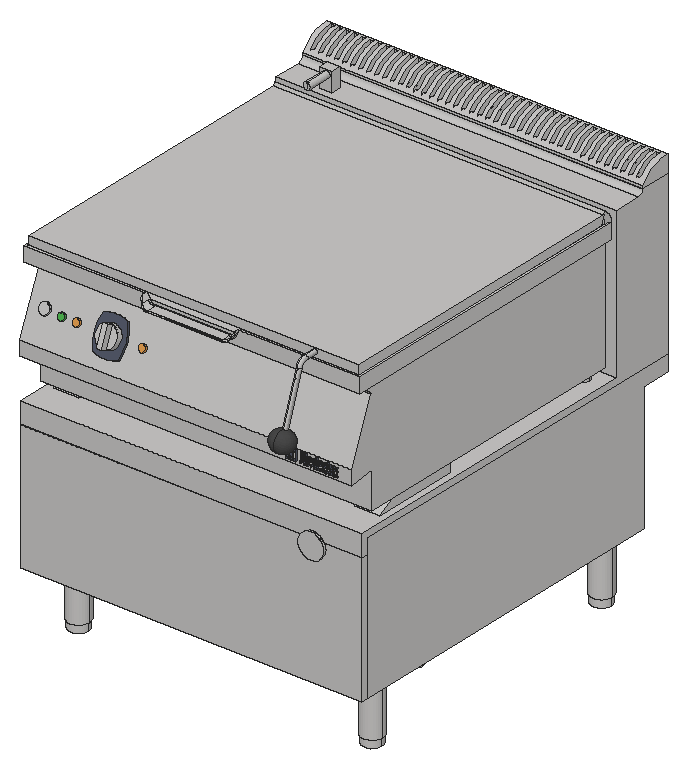
Revit family "QF_ELECTROLUXPROFESSIONAL_391282_E9BRGHDO4M", category Specialty Equipment, Revit 2018 (continued)
Lines and regions (mm)
  symbolic lines
    curve 225: line (777.847, -63.911, 0) -> (787.142, -63.911, 0)
    curve 226: line (787.142, -63.911, 0) -> (787.142, -6.761, 0)
    curve 227: line (787.142, -6.761, 0) -> (777.847, -6.761, 0)
    curve 228: line (777.847, -6.761, 0) -> (777.847, -63.911, 0)
  symbolic lines, style "QF_Clearances", visible <- "Show Clearance", detail levels coarse
    curve 17: line (-50, 50, 150) -> (-50, -918.182, 150)
    curve 18: line (850, 50, 150) -> (850, -915, 150)
    curve 19: line (850, 50, 150) -> (-50, 50, 150)
Dimensions and locks
  equal spacing: plane 3 "LEFT", plane 7 "Center Y", plane 4 "RIGHT"
  plane 3 "LEFT" to plane 4 "RIGHT" = 800 mm
  equal spacing: plane 5 "FRONT", plane 8 "Center X", plane 1 "BACK"
  plane 5 "FRONT" to plane 1 "BACK" = 915 mm  (x2)
  plane 9 "Base" to level = 149 mm
  plane 11 to level = 1653 mm
  plane 11 to plane 2 = 1653 mm
  plane 9 "Base" to plane 2 = 149 mm
  plane 13 to plane 12 = 674 mm
  plane 6 "TOP" to plane 2 = 908 mm
  plane 4 "RIGHT" to plane 16 to plane 14 to plane 3 "LEFT" = 55 mm, 690 mm, 55 mm
  plane 1 "BACK" to plane 17 = 1014 mm
  Extrusion 12 to plane 1 "BACK" = 69 mm
  Extrusion 6 to plane 9 "Base" = 701 mm
  plane 2 to Extrusion 12 = 448 mm
  Extrusion 3 to plane 13 = 100.182 mm
  plane 12 to Extrusion 12 = 56 mm
  plane 4 "RIGHT" to plane 19 = 14 mm
  plane 20 to plane 9 "Base" to level = 701 mm, 149 mm
  plane 1 "BACK" to Extrusion 12 = 69 mm
  Extrusion 12 to plane 12 = 56 mm
  plane 12 to plane 13 = 674 mm
  plane 13 to Extrusion 3 = 100.182 mm
  Extrusion 12 to level = 448 mm
  plane 6 "TOP" to level = 908 mm
  plane 21 "Connection" to level = 182 mm
  plane 1 "BACK" to plane 22 = 706 mm
  plane 3 "LEFT" to Extrusion 20 sketch curve = 105 mm
  Extrusion 21 sketch curve to plane 1 "BACK" = 698 mm
  plane 3 "LEFT" to Extrusion 21 sketch curve = 195 mm
  Extrusion 21 to plane 1 "BACK" = 698 mm
  plane 3 "LEFT" to Extrusion 22 sketch curve = 265 mm
  plane 3 "LEFT" to plane 24 = 105 mm
  plane 3 "LEFT" to plane 25 = 195 mm
  plane 3 "LEFT" to plane 23 = 265 mm
  Extrusion 3 to Extrusion 17 = 181 mm
  Extrusion 17 to Extrusion 3 = 181 mm
  plane 20 to level = 850 mm
  aligned and locked: level to plane 2
  aligned and locked: Extrusion 12 to plane 3 "LEFT"
Automatic sketch dimensions
  Revolve 1 sketch curve to plane 9 "Base" = 0 mm  (x2)
  Revolve 1 sketch curve to level = 0 mm
  Revolve 1 sketch curve to plane 14 = 0 mm  (x2)
  Revolve 1 sketch curve to Revolve 1 sketch curve = 22.9 mm
  Revolve 1 sketch curve to Revolve 1 sketch curve = 2.5 mm
  level to Revolve 1 sketch curve = 19.05 mm
  Revolve 1 sketch curve to plane 21 "Connection" = 13 mm
  Revolve 2 sketch curve to plane 9 "Base" = 0 mm  (x2)
  Revolve 2 sketch curve to level = 0 mm
  Revolve 2 sketch curve to plane 14 = 0 mm  (x2)
  Revolve 2 sketch curve to Revolve 2 sketch curve = 22.9 mm
  Revolve 2 sketch curve to Revolve 2 sketch curve = 2.5 mm
  level to Revolve 2 sketch curve = 19.05 mm
  Revolve 2 sketch curve to plane 21 "Connection" = 13 mm
  Extrusion 7 sketch curve to plane 10 = 0 mm
  Extrusion 7 sketch curve to plane 13 = 25.484 mm
  plane 13 to Extrusion 7 sketch curve = 28.261 mm
  plane 22 to Extrusion 7 sketch curve = 87.5 mm
  plane 10 to Extrusion 7 sketch curve = 26.213 mm
  Extrusion 8 sketch curve to plane 16 = 8.429 mm
  Extrusion 8 sketch curve to plane 14 = 8.429 mm
  Extrusion 8 sketch curve to plane 12 = 64.686 mm  (x2)
  Extrusion 9 sketch curve to plane 6 "TOP" = 10 mm
  Extrusion 9 sketch curve to plane 12 = 7.127 mm
  plane 12 to Extrusion 9 sketch curve = 16.931 mm
  plane 20 to Extrusion 9 sketch curve = 3.88 mm
  Revolve 10 sketch curve to plane 6 "TOP" = 19.903 mm
  Revolve 10 sketch curve to plane 12 = 63.311 mm
  Revolve 10 sketch curve to plane 12 = 7.127 mm
  Revolve 10 sketch curve to Revolve 10 sketch curve = 0 mm  (x2)
  plane 12 to Revolve 10 sketch curve = 1.394 mm
  Revolve 10 sketch curve to plane 6 "TOP" = 11.778 mm
  Revolve 13 sketch curve to plane 9 "Base" = 0 mm  (x2)
  Revolve 13 sketch curve to level = 0 mm
  plane 16 to Revolve 13 sketch curve = 0 mm  (x2)
  Revolve 13 sketch curve to plane 19 = 18.1 mm
  Revolve 13 sketch curve to Revolve 13 sketch curve = 2.5 mm
  Revolve 13 sketch curve to plane 21 "Connection" = 13 mm
  level to Revolve 13 sketch curve = 19.05 mm
  Revolve 14 sketch curve to plane 9 "Base" = 0 mm  (x2)
  Revolve 14 sketch curve to level = 0 mm
  plane 16 to Revolve 14 sketch curve = 0 mm  (x2)
  Revolve 14 sketch curve to plane 19 = 18.1 mm
  Revolve 14 sketch curve to Revolve 14 sketch curve = 2.5 mm
  Revolve 14 sketch curve to plane 21 "Connection" = 13 mm
  level to Revolve 14 sketch curve = 19.05 mm
  plane 17 to Revolve 16 sketch curve = 18.604 mm
  Revolve 16 sketch curve to Revolve 16 sketch curve = 0 mm  (x4)
  plane 17 to Revolve 16 sketch curve = 22.834 mm
  Revolve 16 sketch curve to Revolve 16 sketch curve = 3.746 mm
  Revolve 16 sketch curve to Revolve 16 sketch curve = 7.415 mm
  plane 10 to Revolve 16 sketch curve = 172.444 mm
  Revolve 16 sketch curve to Revolve 16 sketch curve = 22.45 mm
  plane 10 to Extrusion 19 sketch curve = 0 mm
  Extrusion 19 sketch curve to plane 13 = 25.484 mm
  plane 13 to Extrusion 19 sketch curve = 28.261 mm
  plane 22 to Extrusion 19 sketch curve = 87.5 mm
  plane 10 to Extrusion 19 sketch curve = 26.213 mm
  Extrusion 23 sketch curve to Extrusion 23 sketch curve = 0 mm  (x4)
  Extrusion 23 sketch curve to plane 23 = 24.996 mm
  Extrusion 23 sketch curve to Extrusion 23 sketch curve = 4.545 mm
  Extrusion 23 sketch curve to Extrusion 23 sketch curve = 2.771 mm  (x2)
  Extrusion 23 sketch curve to Extrusion 23 sketch curve = 14.214 mm
  Extrusion 23 sketch curve to plane 20 = 40.578 mm
  plane 7 "Center Y" to Extrusion 23 sketch curve = 88.474 mm
  Extrusion 23 sketch curve to plane 20 = 32.378 mm
  Extrusion 23 sketch curve to Extrusion 23 sketch curve = 14.203 mm
  Extrusion 23 sketch curve to plane 20 = 33.978 mm
  Extrusion 23 sketch curve to plane 20 = 19.699 mm
  Extrusion 23 sketch curve to Extrusion 23 sketch curve = 7.32 mm
  Extrusion 23 sketch curve to Extrusion 23 sketch curve = 6.606 mm
  Extrusion 23 sketch curve to Extrusion 23 sketch curve = 6.4 mm  (x2)
  Extrusion 23 sketch curve to Extrusion 23 sketch curve = 7.872 mm
  plane 25 to Extrusion 25 sketch curve = 22.344 mm
  plane 23 to Extrusion 25 sketch curve = 31.059 mm
  Extrusion 25 sketch curve to Extrusion 25 sketch curve = 0 mm
  Extrusion 25 sketch curve to plane 25 = 8.324 mm
  Extrusion 25 sketch curve to Extrusion 25 sketch curve = 12.3 mm  (x2)
  plane 23 to Extrusion 25 sketch curve = 7.4 mm
  Extrusion 25 sketch curve to Extrusion 25 sketch curve = 34.925 mm  (x2)
  Extrusion 25 sketch curve to Extrusion 25 sketch curve = 50.015 mm
  plane 25 to Extrusion 25 sketch curve = 20.225 mm
  Extrusion 26 sketch curve to plane 24 = 17.623 mm
  plane 24 to Extrusion 27 sketch curve = 17.681 mm
  Extrusion 28 sketch curve to plane 25 = 7.917 mm
  Extrusion 29 sketch curve to Extrusion 29 sketch curve = 24.732 mm
  Extrusion 29 sketch curve to Extrusion 29 sketch curve = 0 mm
  Extrusion 30 sketch curve to plane 14 = 7.427 mm
  Extrusion 31 sketch curve to plane 23 = 12.623 mm
  Extrusion 32 sketch curve to plane 11 = 87.075 mm
  plane 8 "Center X" to Extrusion 32 sketch curve = 110.667 mm
  Extrusion 32 sketch curve to Extrusion 32 sketch curve = 694.86 mm
  Extrusion 32 sketch curve to Extrusion 32 sketch curve = 15.993 mm
  Extrusion 32 sketch curve to Extrusion 32 sketch curve = 5.354 mm
  Extrusion 32 sketch curve to Extrusion 32 sketch curve = 3.503 mm
  Extrusion 32 sketch curve to Extrusion 32 sketch curve = 12.189 mm
  Extrusion 32 sketch curve to Extrusion 32 sketch curve = 3.348 mm
  Extrusion 32 sketch curve to Extrusion 32 sketch curve = 18.4 mm  (x2)
  Extrusion 32 sketch curve to Extrusion 32 sketch curve = 2.697 mm
  Extrusion 32 sketch curve to Extrusion 32 sketch curve = 14.057 mm
  Extrusion 32 sketch curve to Extrusion 32 sketch curve = 4.418 mm
  Extrusion 32 sketch curve to Extrusion 32 sketch curve = 11 mm
  Extrusion 32 sketch curve to Extrusion 32 sketch curve = 6.539 mm
  Sweep 33 sketch curve to plane 8 "Center X" = 20.462 mm
  Sweep 33 sketch curve to plane 11 = 28.458 mm
  Sweep 33 sketch curve to Sweep 33 sketch curve = 41.037 mm
  Sweep 33 sketch curve to Sweep 33 sketch curve = 18.794 mm
  Sweep 33 sketch curve to Sweep 33 sketch curve = 28.354 mm
  Sweep 33 sketch curve to Sweep 33 sketch curve = 105.908 mm
  Sweep 33 sketch curve to Sweep 33 sketch curve = 6.84 mm
  Sweep 33 sketch curve to profile plane = 0 mm
  profile plane to Sweep 33 sketch curve = 676.16 mm
  Revolve 34 sketch curve to plane 11 = 23.591 mm
  Revolve 34 sketch curve to plane 8 "Center X" = 65.198 mm
  Revolve 34 sketch curve to Revolve 34 sketch curve = 0 mm  (x4)
  Revolve 34 sketch curve to Revolve 34 sketch curve = 4.229 mm
  Revolve 34 sketch curve to Revolve 34 sketch curve = 3.746 mm
  Revolve 34 sketch curve to Revolve 34 sketch curve = 7.415 mm
  Revolve 34 sketch curve to Revolve 34 sketch curve = 22.45 mm
  Extrusion 36 sketch curve to plane 20 = 53.641 mm
  plane 7 "Center Y" to Extrusion 36 sketch curve = 110 mm
  Extrusion 36 sketch curve to plane 20 = 32.378 mm
  Extrusion 36 sketch curve to Extrusion 36 sketch curve = 7.323 mm
  Extrusion 36 sketch curve to Extrusion 36 sketch curve = 14.203 mm
  Extrusion 36 sketch curve to plane 23 = 46.526 mm
  Extrusion 36 sketch curve to Extrusion 36 sketch curve = 14.214 mm
  Extrusion 36 sketch curve to Extrusion 36 sketch curve = 7.316 mm
  Extrusion 36 sketch curve to Extrusion 36 sketch curve = 21.27 mm
  Extrusion 36 sketch curve to Extrusion 36 sketch curve = 8.2 mm
  Extrusion 36 sketch curve to Extrusion 36 sketch curve = 12.672 mm
  Extrusion 36 sketch curve to Extrusion 36 sketch curve = 12.685 mm
  Extrusion 35 sketch curve to Extrusion 35 sketch curve = 0 mm  (x27)
  plane 16 to Extrusion 35 sketch curve = 31.031 mm
  plane 10 to Extrusion 35 sketch curve = 104.853 mm
  Extrusion 35 sketch curve to Extrusion 35 sketch curve = 3.509 mm  (x2)
  Extrusion 35 sketch curve to plane 16 = 9.633 mm
  Extrusion 35 sketch curve to Extrusion 35 sketch curve = 2.459 mm  (x3)
  Extrusion 35 sketch curve to plane 16 = 1.86 mm
  plane 16 to Extrusion 35 sketch curve = 4.143 mm
  Extrusion 35 sketch curve to Extrusion 35 sketch curve = 0.918 mm  (x4)
  Extrusion 35 sketch curve to Extrusion 35 sketch curve = 0.949 mm  (x2)
  Extrusion 35 sketch curve to Extrusion 35 sketch curve = 1.035 mm
  Extrusion 35 sketch curve to Extrusion 35 sketch curve = 1.047 mm
  Extrusion 35 sketch curve to Extrusion 35 sketch curve = 3.513 mm  (x2)
  plane 16 to Extrusion 35 sketch curve = 36.887 mm
  Extrusion 35 sketch curve to Extrusion 35 sketch curve = 0.045 mm  (x2)
  plane 16 to Extrusion 35 sketch curve = 29.554 mm
  Extrusion 35 sketch curve to Extrusion 35 sketch curve = 0.277 mm
  Extrusion 35 sketch curve to Extrusion 35 sketch curve = 0.3 mm  (x2)
  Extrusion 35 sketch curve to Extrusion 35 sketch curve = 0.004 mm  (x3)
  Extrusion 35 sketch curve to Extrusion 35 sketch curve = 0.636 mm
  Extrusion 35 sketch curve to Extrusion 35 sketch curve = 0.02 mm  (x2)
  plane 16 to Extrusion 35 sketch curve = 36.125 mm
  Extrusion 35 sketch curve to Extrusion 35 sketch curve = 0.479 mm  (x2)
  plane 16 to Extrusion 35 sketch curve = 28.791 mm
  Extrusion 35 sketch curve to Extrusion 35 sketch curve = 1.645 mm
  Extrusion 35 sketch curve to Extrusion 35 sketch curve = 1.672 mm
  plane 16 to Extrusion 35 sketch curve = 4.181 mm
  Extrusion 35 sketch curve to Extrusion 35 sketch curve = 1.71 mm
  Extrusion 35 sketch curve to Extrusion 35 sketch curve = 0.447 mm  (x2)
  Extrusion 35 sketch curve to Extrusion 35 sketch curve = 0.343 mm
  plane 16 to Extrusion 35 sketch curve = 65.019 mm
  Extrusion 35 sketch curve to Extrusion 35 sketch curve = 0.246 mm
  Extrusion 35 sketch curve to Extrusion 35 sketch curve = 0.124 mm  (x2)
  Extrusion 35 sketch curve to Extrusion 35 sketch curve = 1.995 mm
  Extrusion 35 sketch curve to plane 16 = 3.68 mm
  Extrusion 35 sketch curve to Extrusion 35 sketch curve = 0.996 mm  (x2)
  Extrusion 35 sketch curve to Extrusion 35 sketch curve = 0.509 mm
  Extrusion 35 sketch curve to Extrusion 35 sketch curve = 2.427 mm  (x2)
  Extrusion 35 sketch curve to Extrusion 35 sketch curve = 0.616 mm  (x2)
  Extrusion 35 sketch curve to Extrusion 35 sketch curve = 0.017 mm  (x2)
  Extrusion 35 sketch curve to Extrusion 35 sketch curve = 0.926 mm
  Extrusion 35 sketch curve to Extrusion 35 sketch curve = 0.911 mm
  Extrusion 35 sketch curve to Extrusion 35 sketch curve = 1.839 mm
  Extrusion 35 sketch curve to Extrusion 35 sketch curve = 0.306 mm  (x2)
  Extrusion 35 sketch curve to Extrusion 35 sketch curve = 0.917 mm  (x3)
  Extrusion 35 sketch curve to Extrusion 35 sketch curve = 0.159 mm  (x2)
  Extrusion 35 sketch curve to plane 16 = 3.231 mm
  Extrusion 35 sketch curve to Extrusion 35 sketch curve = 1.342 mm
  Extrusion 35 sketch curve to Extrusion 35 sketch curve = 0.187 mm  (x2)
  Extrusion 35 sketch curve to Extrusion 35 sketch curve = 0.679 mm  (x2)
  Extrusion 35 sketch curve to Extrusion 35 sketch curve = 0.67 mm
  Extrusion 35 sketch curve to Extrusion 35 sketch curve = 0.002 mm
  Extrusion 35 sketch curve to Extrusion 35 sketch curve = 0.007 mm  (x3)
  Extrusion 35 sketch curve to Extrusion 35 sketch curve = 0.383 mm  (x4)
  plane 16 to Extrusion 35 sketch curve = 34.193 mm
  plane 16 to Extrusion 35 sketch curve = 26.86 mm
  Extrusion 35 sketch curve to Extrusion 35 sketch curve = 0.075 mm  (x2)
  Extrusion 35 sketch curve to Extrusion 35 sketch curve = 0.677 mm  (x2)
  Extrusion 35 sketch curve to Extrusion 35 sketch curve = 0.957 mm
  Extrusion 35 sketch curve to Extrusion 35 sketch curve = 1.024 mm
  Extrusion 35 sketch curve to Extrusion 35 sketch curve = 0.328 mm  (x2)
  plane 16 to Extrusion 35 sketch curve = 26.143 mm
  Extrusion 35 sketch curve to Extrusion 35 sketch curve = 0.492 mm  (x2)
  plane 16 to Extrusion 35 sketch curve = 33.476 mm
  Extrusion 35 sketch curve to Extrusion 35 sketch curve = 1.802 mm  (x2)
  Extrusion 35 sketch curve to Extrusion 35 sketch curve = 4.854 mm
  Extrusion 35 sketch curve to plane 16 = 3.201 mm
  Extrusion 35 sketch curve to Extrusion 35 sketch curve = 1.815 mm
  Extrusion 35 sketch curve to Extrusion 35 sketch curve = 3.936 mm
  plane 16 to Extrusion 35 sketch curve = 18.717 mm  (x4)
  Extrusion 35 sketch curve to Extrusion 35 sketch curve = 4.769 mm
  plane 16 to Extrusion 35 sketch curve = 43.012 mm  (x4)
  Extrusion 35 sketch curve to Extrusion 35 sketch curve = 4.78 mm
  plane 16 to Extrusion 35 sketch curve = 2.789 mm
  Extrusion 35 sketch curve to Extrusion 35 sketch curve = 4.809 mm
  plane 16 to Extrusion 35 sketch curve = 54.783 mm
  Extrusion 35 sketch curve to Extrusion 35 sketch curve = 4.821 mm
  plane 16 to Extrusion 35 sketch curve = 32.77 mm
  Extrusion 35 sketch curve to Extrusion 35 sketch curve = 5.852 mm
  Extrusion 35 sketch curve to plane 16 = 2.999 mm
  Extrusion 35 sketch curve to Extrusion 35 sketch curve = 5.071 mm  (x4)
  Extrusion 35 sketch curve to Extrusion 35 sketch curve = 0.003 mm  (x2)
  plane 16 to Extrusion 35 sketch curve = 33.791 mm
  Extrusion 35 sketch curve to Extrusion 35 sketch curve = 0.046 mm
  plane 16 to Extrusion 35 sketch curve = 71.33 mm
  Extrusion 35 sketch curve to Extrusion 35 sketch curve = 0.068 mm
  Extrusion 35 sketch curve to Extrusion 35 sketch curve = 10.348 mm
  plane 16 to Extrusion 35 sketch curve = 38.925 mm  (x2)
  Extrusion 35 sketch curve to Extrusion 35 sketch curve = 1.761 mm
  plane 16 to Extrusion 35 sketch curve = 50.493 mm
  Extrusion 35 sketch curve to Extrusion 35 sketch curve = 1.821 mm
  plane 16 to Extrusion 35 sketch curve = 54.702 mm
  Extrusion 35 sketch curve to Extrusion 35 sketch curve = 2.064 mm  (x2)
  Extrusion 35 sketch curve to Extrusion 35 sketch curve = 2.196 mm  (x3)
  Extrusion 35 sketch curve to Extrusion 35 sketch curve = 2.206 mm  (x2)
  plane 16 to Extrusion 35 sketch curve = 2.77 mm
  Extrusion 35 sketch curve to Extrusion 35 sketch curve = 2.216 mm
  Extrusion 35 sketch curve to Extrusion 35 sketch curve = 0.588 mm
  Extrusion 35 sketch curve to Extrusion 35 sketch curve = 0.037 mm
  Extrusion 35 sketch curve to Extrusion 35 sketch curve = 0.109 mm
  plane 16 to Extrusion 35 sketch curve = 32.761 mm
  Extrusion 35 sketch curve to Extrusion 35 sketch curve = 2.272 mm  (x2)
  Extrusion 35 sketch curve to plane 16 = 4.747 mm
  Extrusion 35 sketch curve to Extrusion 35 sketch curve = 2.435 mm
  Extrusion 35 sketch curve to Extrusion 35 sketch curve = 1.25 mm
  plane 16 to Extrusion 35 sketch curve = 51.95 mm
  Extrusion 35 sketch curve to Extrusion 35 sketch curve = 1.417 mm
  plane 16 to Extrusion 35 sketch curve = 40.422 mm  (x2)
  Extrusion 35 sketch curve to Extrusion 35 sketch curve = 1.558 mm  (x2)
  Extrusion 35 sketch curve to plane 16 = 11.031 mm
  Extrusion 35 sketch curve to Extrusion 35 sketch curve = 3.247 mm
  Extrusion 35 sketch curve to plane 16 = 8.176 mm  (x2)
  Extrusion 35 sketch curve to Extrusion 35 sketch curve = 0.339 mm
  plane 16 to Extrusion 35 sketch curve = 7.423 mm
  Extrusion 35 sketch curve to Extrusion 35 sketch curve = 4.029 mm
  Extrusion 35 sketch curve to Extrusion 35 sketch curve = 1.655 mm
  plane 16 to Extrusion 35 sketch curve = 4.985 mm
  Extrusion 35 sketch curve to Extrusion 35 sketch curve = 0.201 mm
  plane 16 to Extrusion 35 sketch curve = 37.42 mm
  Extrusion 35 sketch curve to Extrusion 35 sketch curve = 2.769 mm
  plane 16 to Extrusion 35 sketch curve = 0.553 mm
  Extrusion 35 sketch curve to Extrusion 35 sketch curve = 0.162 mm
  Extrusion 35 sketch curve to Extrusion 35 sketch curve = 0.137 mm
  Extrusion 35 sketch curve to Extrusion 35 sketch curve = 2.101 mm
  Extrusion 35 sketch curve to Extrusion 35 sketch curve = 0.103 mm  (x2)
  plane 16 to Extrusion 35 sketch curve = 49.846 mm
  Extrusion 35 sketch curve to Extrusion 35 sketch curve = 1.498 mm
  plane 16 to Extrusion 35 sketch curve = 60.227 mm
  Extrusion 35 sketch curve to Extrusion 35 sketch curve = 0.566 mm
  plane 16 to Extrusion 35 sketch curve = 24.258 mm
  Extrusion 35 sketch curve to Extrusion 35 sketch curve = 3.183 mm  (x2)
  plane 16 to Extrusion 35 sketch curve = 13.177 mm
  Extrusion 35 sketch curve to Extrusion 35 sketch curve = 5.077 mm
  plane 16 to Extrusion 35 sketch curve = 21.859 mm
  plane 16 to Extrusion 35 sketch curve = 15.575 mm
  plane 16 to Extrusion 35 sketch curve = 46.149 mm
  Extrusion 35 sketch curve to Extrusion 35 sketch curve = 0.627 mm  (x2)
  plane 16 to Extrusion 35 sketch curve = 48.557 mm
  Extrusion 35 sketch curve to Extrusion 35 sketch curve = 0.262 mm
  Extrusion 35 sketch curve to plane 16 = 6.847 mm
  Extrusion 35 sketch curve to Extrusion 35 sketch curve = 1.773 mm
  Extrusion 35 sketch curve to plane 16 = 9.507 mm
  Extrusion 35 sketch curve to Extrusion 35 sketch curve = 1.793 mm
  Extrusion 35 sketch curve to Extrusion 35 sketch curve = 3.89 mm
  plane 16 to Extrusion 35 sketch curve = 57.717 mm
  Extrusion 35 sketch curve to Extrusion 35 sketch curve = 1.7 mm
  Extrusion 35 sketch curve to Extrusion 35 sketch curve = 1.733 mm
  Extrusion 35 sketch curve to Extrusion 35 sketch curve = 4.169 mm
  Extrusion 35 sketch curve to Extrusion 35 sketch curve = 1.242 mm
  Extrusion 35 sketch curve to Extrusion 35 sketch curve = 2.572 mm  (x2)
  Extrusion 35 sketch curve to plane 16 = 11.394 mm
  Extrusion 35 sketch curve to Extrusion 35 sketch curve = 2.881 mm
  Extrusion 35 sketch curve to Extrusion 35 sketch curve = 3.582 mm
  plane 16 to Extrusion 35 sketch curve = 25.635 mm
  Extrusion 35 sketch curve to Extrusion 35 sketch curve = 0.101 mm
  Extrusion 35 sketch curve to plane 16 = 4.843 mm
  Extrusion 35 sketch curve to Extrusion 35 sketch curve = 2.74 mm
  Extrusion 35 sketch curve to Extrusion 35 sketch curve = 1.113 mm
  plane 16 to Extrusion 35 sketch curve = 54.844 mm  (x2)
  Extrusion 35 sketch curve to Extrusion 35 sketch curve = 2.226 mm
  Extrusion 35 sketch curve to Extrusion 35 sketch curve = 2.28 mm
  plane 16 to Extrusion 35 sketch curve = 28.375 mm
  Extrusion 35 sketch curve to Extrusion 35 sketch curve = 0.585 mm
  Extrusion 35 sketch curve to plane 16 = 3.341 mm
  Extrusion 35 sketch curve to Extrusion 35 sketch curve = 2.054 mm
  Extrusion 35 sketch curve to plane 16 = 13.011 mm
  Extrusion 35 sketch curve to Extrusion 35 sketch curve = 2.203 mm
  Extrusion 35 sketch curve to Extrusion 35 sketch curve = 1.51 mm
  Extrusion 35 sketch curve to Extrusion 35 sketch curve = 5.923 mm
  plane 16 to Extrusion 35 sketch curve = 24.628 mm
  Extrusion 35 sketch curve to Extrusion 35 sketch curve = 2.337 mm
  Extrusion 35 sketch curve to Extrusion 35 sketch curve = 1.561 mm
  Extrusion 35 sketch curve to Extrusion 35 sketch curve = 3.319 mm
  Extrusion 35 sketch curve to Extrusion 35 sketch curve = 0.191 mm
  Extrusion 35 sketch curve to Extrusion 35 sketch curve = 2.274 mm
  Extrusion 35 sketch curve to Extrusion 35 sketch curve = 3.888 mm  (x2)
  Extrusion 35 sketch curve to Extrusion 35 sketch curve = 0.986 mm
  Extrusion 35 sketch curve to Extrusion 35 sketch curve = 2.323 mm
  Extrusion 35 sketch curve to Extrusion 35 sketch curve = 2.865 mm
  Extrusion 35 sketch curve to Extrusion 35 sketch curve = 2.599 mm
  Extrusion 35 sketch curve to Extrusion 35 sketch curve = 0.998 mm  (x6)
  Extrusion 35 sketch curve to Extrusion 35 sketch curve = 1.022 mm
  Extrusion 35 sketch curve to Extrusion 35 sketch curve = 1.117 mm
  Extrusion 35 sketch curve to Extrusion 35 sketch curve = 1.993 mm
  Extrusion 35 sketch curve to Extrusion 35 sketch curve = 0.851 mm
  Extrusion 35 sketch curve to Extrusion 35 sketch curve = 1.073 mm
  Extrusion 35 sketch curve to Extrusion 35 sketch curve = 0.448 mm  (x2)
  Extrusion 35 sketch curve to Extrusion 35 sketch curve = 0.9 mm
  Extrusion 35 sketch curve to plane 16 = 1.884 mm
  Extrusion 35 sketch curve to plane 16 = 0.788 mm
  Extrusion 35 sketch curve to Extrusion 35 sketch curve = 1.008 mm
  Extrusion 35 sketch curve to Extrusion 35 sketch curve = 2.221 mm
  Extrusion 35 sketch curve to Extrusion 35 sketch curve = 0.038 mm
  Extrusion 35 sketch curve to Extrusion 35 sketch curve = 0.971 mm
  Extrusion 35 sketch curve to Extrusion 35 sketch curve = 1.849 mm
  Extrusion 35 sketch curve to Extrusion 35 sketch curve = 2.419 mm
  Extrusion 35 sketch curve to Extrusion 35 sketch curve = 6.696 mm  (x2)
  Extrusion 35 sketch curve to Extrusion 35 sketch curve = 5.345 mm
  Extrusion 35 sketch curve to Extrusion 35 sketch curve = 0.421 mm  (x2)
  Extrusion 35 sketch curve to Extrusion 35 sketch curve = 0.078 mm  (x2)
  Extrusion 35 sketch curve to Extrusion 35 sketch curve = 0.133 mm  (x2)
  Extrusion 35 sketch curve to Extrusion 35 sketch curve = 0.006 mm  (x2)
  Extrusion 35 sketch curve to Extrusion 35 sketch curve = 0.23 mm  (x2)
  Extrusion 35 sketch curve to Extrusion 35 sketch curve = 0.065 mm  (x2)
  Extrusion 35 sketch curve to Extrusion 35 sketch curve = 0.279 mm  (x2)
  Extrusion 35 sketch curve to Extrusion 35 sketch curve = 0.251 mm  (x2)
  Extrusion 35 sketch curve to Extrusion 35 sketch curve = 0.134 mm  (x2)
  Extrusion 35 sketch curve to Extrusion 35 sketch curve = 0.009 mm  (x2)
  Extrusion 35 sketch curve to Extrusion 35 sketch curve = 0.164 mm  (x2)
  Extrusion 35 sketch curve to Extrusion 35 sketch curve = 0.077 mm  (x2)
  Extrusion 35 sketch curve to Extrusion 35 sketch curve = 0.866 mm  (x2)
  Extrusion 35 sketch curve to Extrusion 35 sketch curve = 2.398 mm
  Extrusion 35 sketch curve to Extrusion 35 sketch curve = 2.034 mm
  Extrusion 35 sketch curve to Extrusion 35 sketch curve = 2.418 mm
  Extrusion 35 sketch curve to Extrusion 35 sketch curve = 1.355 mm
  Extrusion 35 sketch curve to Extrusion 35 sketch curve = 3.835 mm
  Extrusion 35 sketch curve to Extrusion 35 sketch curve = 0.047 mm  (x2)
  Extrusion 35 sketch curve to Extrusion 35 sketch curve = 0.135 mm
  Extrusion 35 sketch curve to Extrusion 35 sketch curve = 0.977 mm
  Extrusion 35 sketch curve to Extrusion 35 sketch curve = 0.409 mm
  Extrusion 35 sketch curve to Extrusion 35 sketch curve = 4.118 mm
  Extrusion 35 sketch curve to Extrusion 35 sketch curve = 0.175 mm
  Extrusion 35 sketch curve to Extrusion 35 sketch curve = 1.827 mm
  Extrusion 35 sketch curve to Extrusion 35 sketch curve = 2.428 mm
  Extrusion 35 sketch curve to Extrusion 35 sketch curve = 0.061 mm
  Extrusion 35 sketch curve to Extrusion 35 sketch curve = 6.931 mm
  Extrusion 35 sketch curve to Extrusion 35 sketch curve = 1.165 mm
  Extrusion 35 sketch curve to Extrusion 35 sketch curve = 2.417 mm
  Extrusion 35 sketch curve to Extrusion 35 sketch curve = 1.133 mm
  Extrusion 35 sketch curve to Extrusion 35 sketch curve = 0.82 mm
  Extrusion 35 sketch curve to Extrusion 35 sketch curve = 1.717 mm
  Extrusion 35 sketch curve to Extrusion 35 sketch curve = 0.161 mm
  Extrusion 35 sketch curve to Extrusion 35 sketch curve = 1.885 mm
  Extrusion 35 sketch curve to Extrusion 35 sketch curve = 2.261 mm
  Extrusion 35 sketch curve to Extrusion 35 sketch curve = 1.718 mm
  Extrusion 35 sketch curve to Extrusion 35 sketch curve = 0.886 mm
  Extrusion 35 sketch curve to Extrusion 35 sketch curve = 0.969 mm
  Extrusion 35 sketch curve to Extrusion 35 sketch curve = 1.997 mm
  Extrusion 35 sketch curve to Extrusion 35 sketch curve = 0.001 mm
  Extrusion 35 sketch curve to Extrusion 35 sketch curve = 5.646 mm
  Extrusion 35 sketch curve to Extrusion 35 sketch curve = 0.067 mm
  Extrusion 35 sketch curve to Extrusion 35 sketch curve = 0.04 mm
  Extrusion 35 sketch curve to Extrusion 35 sketch curve = 0.939 mm
  Extrusion 35 sketch curve to Extrusion 35 sketch curve = 0.873 mm
  Extrusion 35 sketch curve to Extrusion 35 sketch curve = 2.416 mm
  Extrusion 35 sketch curve to Extrusion 35 sketch curve = 9.714 mm
  Extrusion 35 sketch curve to Extrusion 35 sketch curve = 8.795 mm
  Extrusion 35 sketch curve to Extrusion 35 sketch curve = 1.097 mm  (x2)
  Extrusion 35 sketch curve to Extrusion 35 sketch curve = 1.972 mm
  Extrusion 35 sketch curve to Extrusion 35 sketch curve = 0.238 mm
  Extrusion 35 sketch curve to Extrusion 35 sketch curve = 3.568 mm
  Extrusion 35 sketch curve to Extrusion 35 sketch curve = 3.898 mm
  Extrusion 35 sketch curve to Extrusion 35 sketch curve = 0.915 mm  (x2)
  Extrusion 35 sketch curve to Extrusion 35 sketch curve = 0.408 mm  (x2)
  Extrusion 35 sketch curve to Extrusion 35 sketch curve = 0.453 mm  (x2)
  Extrusion 35 sketch curve to Extrusion 35 sketch curve = 0.239 mm  (x2)
  Extrusion 35 sketch curve to Extrusion 35 sketch curve = 0.266 mm  (x2)
  Extrusion 35 sketch curve to Extrusion 35 sketch curve = 0.148 mm  (x2)
  Extrusion 35 sketch curve to Extrusion 35 sketch curve = 0.764 mm  (x2)
  Extrusion 35 sketch curve to Extrusion 35 sketch curve = 0.041 mm  (x2)
  Extrusion 35 sketch curve to Extrusion 35 sketch curve = 1.266 mm  (x2)
  plane 19 to Extrusion 37 sketch curve = 1.142 mm
  Extrusion 37 sketch curve to plane 19 = 8.153 mm
  Extrusion 37 sketch curve to Extrusion 37 sketch curve = 7.989 mm
  Extrusion 37 sketch curve to Extrusion 37 sketch curve = 9.296 mm  (x35)
  Extrusion 37 sketch curve to plane 16 = 6.165 mm
  plane 16 to Extrusion 37 sketch curve = 3.131 mm
  Extrusion 37 sketch curve to Extrusion 37 sketch curve = 9.397 mm  (x34)
  plane 7 "Center Y" to Extrusion 37 sketch curve = 5.402 mm
  Extrusion 37 sketch curve to plane 7 "Center Y" = 3.994 mm
  Extrusion 37 sketch curve to plane 23 = 0.157 mm
  plane 23 to Extrusion 37 sketch curve = 9.138 mm
  Extrusion 37 sketch curve to plane 25 = 4.784 mm
  plane 25 to Extrusion 37 sketch curve = 4.613 mm
  Extrusion 37 sketch curve to plane 24 = 1.321 mm
  plane 24 to Extrusion 37 sketch curve = 8.076 mm
  plane 14 to Extrusion 37 sketch curve = 4.539 mm
  Extrusion 37 sketch curve to plane 14 = 4.757 mm
  plane 1 "BACK" to Extrusion 37 sketch curve = 6.761 mm  (x42)
  Extrusion 37 sketch curve to Extrusion 37 sketch curve = 57.15 mm  (x3)
  Extrusion 37 sketch curve to Extrusion 37 sketch curve = 0 mm  (x39)
  plane 26 "FUME" to Extrusion 38 sketch curve = 0 mm
  Extrusion 38 sketch curve to plane 1 "BACK" = 0 mm
  plane 1 "BACK" to Extrusion 38 sketch curve = 1.769 mm
  Extrusion 38 sketch curve to plane 26 "FUME" = 5.044 mm
  plane 12 to Extrusion 38 sketch curve = 53.372 mm
  Extrusion 38 sketch curve to plane 20 = 26.875 mm
  plane 3 "LEFT" to curve 64 = 12.858 mm
  curve 63 to curve 63 = 9.296 mm
  curve 61 to curve 65 = 9.397 mm
  curve 65 to curve 66 = 9.296 mm
  curve 72 to plane 14 = 4.757 mm
  plane 14 to curve 71 = 4.539 mm
  curve 69 to curve 73 = 9.397 mm
  curve 75 to curve 74 = 9.296 mm
  curve 73 to curve 77 = 9.397 mm
  plane 24 to curve 78 = 8.076 mm
  curve 81 to plane 24 = 1.321 mm
  curve 83 to curve 82 = 9.296 mm
  curve 81 to curve 88 = 9.397 mm
  curve 87 to curve 87 = 9.296 mm
  curve 85 to curve 89 = 9.397 mm
  curve 89 to curve 90 = 9.296 mm
  curve 89 to curve 96 = 9.397 mm
  curve 95 to curve 95 = 9.296 mm
  curve 93 to curve 100 = 9.397 mm
  plane 25 to curve 99 = 4.613 mm
  curve 101 to plane 25 = 4.784 mm
  curve 101 to curve 102 = 9.296 mm
  curve 101 to curve 108 = 9.397 mm
  curve 107 to curve 107 = 9.296 mm
  curve 105 to curve 109 = 9.397 mm
  curve 109 to curve 110 = 9.296 mm
  plane 23 to curve 116 = 9.138 mm
  curve 115 to plane 23 = 0.157 mm
  curve 113 to curve 120 = 9.397 mm
  curve 119 to curve 119 = 9.296 mm
  curve 117 to curve 121 = 9.397 mm
  curve 121 to curve 122 = 9.296 mm
  curve 121 to curve 125 = 9.397 mm
  curve 127 to curve 126 = 9.296 mm
  curve 125 to curve 129 = 9.397 mm
  curve 131 to curve 130 = 9.296 mm
  curve 129 to curve 133 = 9.397 mm
  curve 135 to curve 134 = 9.296 mm
  curve 133 to curve 137 = 9.397 mm
  curve 139 to curve 138 = 9.296 mm
  curve 137 to curve 141 = 9.397 mm
  curve 142 to plane 7 "Center Y" = 3.994 mm
  plane 7 "Center Y" to curve 145 = 5.402 mm
  curve 147 to curve 146 = 9.296 mm
  curve 145 to curve 149 = 9.397 mm
  curve 151 to curve 150 = 9.296 mm
  curve 149 to curve 153 = 9.397 mm
  curve 155 to curve 154 = 9.296 mm
  curve 153 to curve 160 = 9.397 mm
  curve 159 to curve 159 = 9.296 mm
  curve 157 to curve 164 = 9.397 mm
  curve 163 to curve 163 = 9.296 mm
  curve 161 to curve 165 = 9.397 mm
  curve 165 to curve 166 = 9.296 mm
  curve 165 to curve 172 = 9.397 mm
  curve 171 to curve 171 = 9.296 mm
  curve 169 to curve 173 = 9.397 mm
  curve 173 to curve 174 = 9.296 mm
  curve 174 to curve 177 = 9.397 mm
  curve 179 to curve 178 = 9.296 mm
  curve 177 to curve 181 = 9.397 mm
  curve 183 to curve 182 = 9.296 mm
  curve 181 to curve 185 = 9.397 mm
  curve 187 to curve 186 = 9.296 mm
  curve 185 to curve 189 = 9.397 mm
  curve 191 to curve 190 = 9.296 mm
  curve 189 to curve 193 = 9.397 mm
  curve 195 to curve 194 = 9.296 mm
  curve 193 to curve 197 = 9.397 mm
  curve 199 to curve 198 = 9.296 mm
  curve 197 to curve 201 = 9.397 mm
  curve 203 to curve 202 = 9.296 mm
  curve 201 to curve 205 = 9.397 mm
  curve 207 to curve 206 = 9.296 mm
  curve 205 to curve 209 = 9.397 mm
  curve 211 to curve 210 = 9.296 mm
  curve 209 to curve 213 = 9.397 mm
  curve 215 to curve 214 = 9.296 mm
  plane 16 to curve 220 = 3.131 mm
  curve 219 to plane 16 = 6.165 mm
  curve 217 to curve 224 = 9.397 mm
  curve 223 to curve 223 = 9.296 mm
  curve 225 to plane 19 = 8.153 mm
  plane 19 to curve 226 = 1.142 mm
  plane 12 to curve 61 = 61.089 mm
  plane 12 to curve 226 = 61.089 mm
  curve 224 to curve 225 = 0 mm
  curve 61 to curve 65 = 0 mm
  curve 220 to curve 221 = 0 mm
  curve 65 to curve 69 = 0 mm
  curve 216 to curve 217 = 0 mm
  curve 69 to curve 73 = 0 mm
  curve 212 to curve 213 = 0 mm
  curve 73 to curve 77 = 0 mm
  curve 208 to curve 209 = 0 mm
  curve 77 to curve 81 = 0 mm
  curve 204 to curve 205 = 0 mm
  curve 81 to curve 85 = 0 mm
  curve 200 to curve 201 = 0 mm
  curve 85 to curve 89 = 0 mm
  curve 196 to curve 197 = 0 mm
  curve 89 to curve 93 = 0 mm
  curve 192 to curve 193 = 0 mm
  curve 93 to curve 97 = 0 mm
  curve 188 to curve 189 = 0 mm
  curve 97 to curve 101 = 0 mm
  curve 184 to curve 188 = 0 mm
  curve 101 to curve 105 = 0 mm
  curve 180 to curve 184 = 0 mm
  curve 105 to curve 109 = 0 mm
  curve 176 to curve 180 = 0 mm
  curve 109 to curve 113 = 0 mm
  curve 172 to curve 173 = 0 mm
  curve 113 to curve 117 = 0 mm
  curve 168 to curve 169 = 0 mm
  curve 117 to curve 121 = 0 mm
  curve 164 to curve 165 = 0 mm
  curve 121 to curve 125 = 0 mm
  curve 160 to curve 161 = 0 mm
  curve 125 to curve 129 = 0 mm
  curve 156 to curve 157 = 0 mm
  curve 129 to curve 133 = 0 mm
  curve 152 to curve 153 = 0 mm
  curve 133 to curve 137 = 0 mm
  curve 148 to curve 149 = 0 mm
  curve 137 to curve 141 = 0 mm
  plane 1 "BACK" to curve 143 = 6.761 mm
  plane 1 "BACK" to curve 146 = 6.761 mm
  plane 1 "BACK" to curve 140 = 6.761 mm
  plane 1 "BACK" to curve 150 = 6.761 mm
  plane 1 "BACK" to curve 136 = 6.761 mm
  plane 1 "BACK" to curve 154 = 6.761 mm
  plane 1 "BACK" to curve 132 = 6.761 mm
  plane 1 "BACK" to curve 158 = 6.761 mm
  plane 1 "BACK" to curve 128 = 6.761 mm
  plane 1 "BACK" to curve 162 = 6.761 mm
  plane 1 "BACK" to curve 124 = 6.761 mm
  plane 1 "BACK" to curve 166 = 6.761 mm
  plane 1 "BACK" to curve 120 = 6.761 mm
  plane 1 "BACK" to curve 170 = 6.761 mm
  plane 1 "BACK" to curve 116 = 6.761 mm
  plane 1 "BACK" to curve 174 = 6.761 mm
  plane 1 "BACK" to curve 112 = 6.761 mm
  plane 1 "BACK" to curve 178 = 6.761 mm
  plane 1 "BACK" to curve 108 = 6.761 mm
  plane 1 "BACK" to curve 182 = 6.761 mm
  plane 1 "BACK" to curve 104 = 6.761 mm
  plane 1 "BACK" to curve 186 = 6.761 mm
  plane 1 "BACK" to curve 100 = 6.761 mm
  plane 1 "BACK" to curve 190 = 6.761 mm
  plane 1 "BACK" to curve 96 = 6.761 mm
  plane 1 "BACK" to curve 194 = 6.761 mm
  plane 1 "BACK" to curve 92 = 6.761 mm
  plane 1 "BACK" to curve 198 = 6.761 mm
  plane 1 "BACK" to curve 88 = 6.761 mm
  plane 1 "BACK" to curve 202 = 6.761 mm
  plane 1 "BACK" to curve 84 = 6.761 mm
  plane 1 "BACK" to curve 206 = 6.761 mm
  plane 1 "BACK" to curve 80 = 6.761 mm
  plane 1 "BACK" to curve 210 = 6.761 mm
  plane 1 "BACK" to curve 76 = 6.761 mm
  plane 1 "BACK" to curve 214 = 6.761 mm
  plane 1 "BACK" to curve 72 = 6.761 mm
  plane 1 "BACK" to curve 218 = 6.761 mm
  plane 1 "BACK" to curve 68 = 6.761 mm
  plane 1 "BACK" to curve 222 = 6.761 mm
  plane 1 "BACK" to curve 64 = 6.761 mm
  plane 1 "BACK" to curve 226 = 6.761 mm
  plane 1 "BACK" to curve 16 = 0 mm
  curve 16 to plane 4 "RIGHT" = 0 mm
  plane 5 "FRONT" to curve 60 = 0 mm
  plane 5 "FRONT" to curve 14 = 0 mm
  plane 5 "FRONT" to curve 52 = 0 mm
  plane 5 "FRONT" to curve 1 = 0 mm
  curve 8 to plane 3 "LEFT" = 0 mm
  curve 9 to plane 4 "RIGHT" = 5 mm
  plane 19 to curve 15 = 1.637 mm
  plane 16 to curve 21 = 55 mm
  curve 21 to curve 33 = 5 mm
  curve 33 to curve 20 = 5 mm
  curve 43 to plane 25 = 13.703 mm
  curve 41 to plane 25 = 2.131 mm
  curve 12 to plane 24 = 12.192 mm
  curve 32 to plane 24 = 11.843 mm
  curve 26 to plane 24 = 6.375 mm
  plane 24 to curve 13 = 0.933 mm
  curve 27 to curve 13 = 4.184 mm
  curve 27 to curve 30 = 7.657 mm
  plane 3 "LEFT" to curve 15 = 12.363 mm
  plane 3 "LEFT" to curve 6 = 5 mm
  plane 12 to curve 31 = 16.931 mm
  curve 29 to plane 12 = 7.127 mm
  curve 9 to plane 12 = 35.853 mm
  curve 6 to plane 12 = 35.853 mm
  curve 3 to curve 36 = 11.257 mm
  curve 10 to curve 27 = 16.201 mm
  curve 26 to curve 13 = 4.36 mm
  curve 15 to plane 5 "FRONT" = 23.18 mm
  curve 15 to curve 2 = 7.363 mm
  curve 15 to curve 59 = 7.363 mm
  plane 5 "FRONT" to curve 42 = 9.708 mm
  plane 17 to curve 20 = 33.995 mm
  curve 21 to curve 24 = 0 mm
  curve 23 to curve 33 = 7.415 mm
  plane 19 to curve 60 = 4 mm
  curve 7 to curve 37 = 1.363 mm
  curve 25 to curve 21 = 2.891 mm
  curve 22 to curve 25 = 0 mm
  curve 24 to curve 23 = 0 mm
  curve 22 to curve 33 = 0 mm
  curve 58 to plane 5 "FRONT" = 15.818 mm
  plane 7 "Center Y" to curve 58 = 119.371 mm
  curve 58 to curve 14 = 14.828 mm
  curve 52 to plane 23 = 30.414 mm
  curve 2 to plane 23 = 15.622 mm
  plane 5 "FRONT" to curve 45 = 0.021 mm
  curve 45 to curve 45 = 17.07 mm
  plane 5 "FRONT" to curve 44 = 0.021 mm
  plane 25 to curve 44 = 14.939 mm
  plane 3 "LEFT" to curve 1 = 10 mm
  plane 12 to curve 8 = 53.372 mm
  curve 9 to curve 7 = 10.8 mm
  curve 33 to curve 20 = 18.691 mm
  curve 22 to curve 23 = 5.737 mm
  curve 25 to curve 20 = 5.737 mm
  curve 25 to curve 23 = 0 mm
  curve 23 to curve 33 = 2.717 mm
  plane 5 "FRONT" to curve 18 = 0 mm
  plane 4 "RIGHT" to curve 18 = 50 mm
  curve 19 to plane 3 "LEFT" = 50 mm
  curve 17 to plane 1 "BACK" = 50 mm
  plane 5 "FRONT" to curve 17 = 3.182 mm
  Extrusion 3 sketch curve to plane 10 = 0 mm
  Extrusion 3 sketch curve to plane 9 "Base" = 0 mm
  plane 26 "FUME" to Extrusion 3 sketch curve = 0 mm
  Extrusion 3 sketch curve to plane 1 "BACK" = 0 mm
  plane 12 to Extrusion 3 sketch curve = 53.372 mm
  Extrusion 3 sketch curve to Extrusion 3 sketch curve = 12.368 mm
  Extrusion 3 sketch curve to plane 12 = 25 mm
  Extrusion 3 sketch curve to plane 5 "FRONT" = 30.818 mm  (x2)
  Extrusion 3 sketch curve to plane 10 = 15 mm
  Extrusion 3 sketch curve to Extrusion 3 sketch curve = 15 mm
  Extrusion 3 sketch curve to plane 5 "FRONT" = 15.818 mm
  Extrusion 3 sketch curve to Extrusion 3 sketch curve = 36 mm
  Extrusion 3 sketch curve to Extrusion 3 sketch curve = 1 mm
  Extrusion 4 sketch curve to plane 5 "FRONT" = 0 mm
  Extrusion 4 sketch curve to plane 5 "FRONT" = 21.818 mm
  Extrusion 4 sketch curve to Extrusion 4 sketch curve = 35.236 mm
  plane 10 to Extrusion 4 sketch curve = 26.213 mm
  Extrusion 4 sketch curve to plane 13 = 56.447 mm
  Extrusion 4 sketch curve to plane 12 = 45.653 mm
  Extrusion 4 sketch curve to Extrusion 4 sketch curve = 77.688 mm
  Extrusion 4 sketch curve to Extrusion 4 sketch curve = 7.312 mm
  Extrusion 4 sketch curve to Extrusion 4 sketch curve = 35 mm
  Extrusion 4 sketch curve to plane 20 = 75.554 mm
  Extrusion 4 sketch curve to plane 20 = 40.319 mm
  Extrusion 4 sketch curve to plane 20 = 32.873 mm
  plane 15 to Sweep 5 sketch curve = 0 mm
  Sweep 5 sketch curve to plane 4 "RIGHT" = 5 mm
  plane 3 "LEFT" to Sweep 5 sketch curve = 5 mm
  Sweep 5 sketch curve to plane 5 "FRONT" = 15.818 mm  (x2)
  plane 7 "Center Y" to Sweep 5 sketch curve = 110 mm
  Sweep 5 sketch curve to plane 23 = 25 mm
  Sweep 5 sketch curve to profile plane = 0 mm
  profile plane to Sweep 5 sketch curve = 5 mm
  Sweep 5 sketch curve to Sweep 5 sketch curve = 1 mm
  profile plane to Sweep 5 sketch curve = 651.359 mm
  Sweep 5 sketch curve to Sweep 5 sketch curve = 29.703 mm
  Sweep 5 sketch curve to Sweep 5 sketch curve = 4.238 mm
  Extrusion 6 sketch curve to plane 20 = 0 mm
  Extrusion 6 sketch curve to plane 5 "FRONT" = 23.18 mm
  Extrusion 6 sketch curve to plane 20 = 33.757 mm
  Extrusion 6 sketch curve to plane 12 = 71.96 mm
  Extrusion 6 sketch curve to plane 20 = 19.699 mm
  Extrusion 6 sketch curve to Extrusion 6 sketch curve = 15.993 mm
  Extrusion 6 sketch curve to plane 20 = 8.699 mm
  Extrusion 6 sketch curve to Extrusion 6 sketch curve = 5.354 mm
  Extrusion 6 sketch curve to Extrusion 6 sketch curve = 3.503 mm
  Extrusion 6 sketch curve to Extrusion 6 sketch curve = 12.189 mm
  plane 20 to Extrusion 6 sketch curve = 6.539 mm
  Extrusion 6 sketch curve to Extrusion 6 sketch curve = 3.348 mm
  Extrusion 6 sketch curve to plane 20 = 17.978 mm
  Extrusion 6 sketch curve to Extrusion 6 sketch curve = 22.819 mm
  Extrusion 6 sketch curve to Extrusion 6 sketch curve = 2.697 mm
  plane 5 "FRONT" to Extrusion 11 sketch curve = 0 mm  (x2)
  Extrusion 11 sketch curve to plane 3 "LEFT" = 0 mm
  plane 1 "BACK" to Extrusion 11 sketch curve = 0 mm
  Extrusion 11 sketch curve to plane 4 "RIGHT" = 0 mm
  Extrusion 11 sketch curve to plane 3 "LEFT" = 50 mm
  plane 4 "RIGHT" to Extrusion 11 sketch curve = 50 mm
  Extrusion 11 sketch curve to plane 1 "BACK" = 50 mm
  Extrusion 12 sketch curve to plane 9 "Base" = 0 mm
  Extrusion 12 sketch curve to plane 1 "BACK" = 0 mm
  plane 12 to Extrusion 12 sketch curve = 56 mm
  Extrusion 12 sketch curve to plane 5 "FRONT" = 30.818 mm
  Extrusion 12 sketch curve to plane 10 = 54.193 mm
  Extrusion 12 sketch curve to plane 10 = 15 mm
  plane 5 "FRONT" to Sweep 15 sketch curve = 23.968 mm
  plane 5 "FRONT" to Sweep 15 sketch curve = 5.174 mm
  Sweep 15 sketch curve to plane 20 = 27.169 mm
  Sweep 15 sketch curve to Sweep 15 sketch curve = 6.84 mm
  plane 17 to Sweep 15 sketch curve = 33.995 mm
  Sweep 15 sketch curve to plane 5 "FRONT" = 23.18 mm
  Sweep 15 sketch curve to Sweep 15 sketch curve = 112.748 mm
  Sweep 15 sketch curve to profile plane = 0 mm
  profile plane to Sweep 15 sketch curve = 676.16 mm
  Extrusion 17 sketch curve to Extrusion 12 = 14 mm
  Extrusion 17 sketch curve to Extrusion 12 = 166 mm
  Extrusion 18 sketch curve to Extrusion 3 = 12.75 mm
  Extrusion 3 to Extrusion 18 sketch curve = 115 mm
  Extrusion 20 sketch curve to plane 22 = 0 mm
  Extrusion 22 sketch curve to plane 22 = 0 mm
  curve 35 to plane 4 "RIGHT" = 0 mm
  plane 5 "FRONT" to curve 38 = 0 mm
  plane 5 "FRONT" to curve 39 = 0 mm
  curve 34 to plane 3 "LEFT" = 0 mm
  plane 5 "FRONT" to curve 55 = 4.277 mm
  plane 7 "Center Y" to curve 55 = 95.475 mm
  curve 55 to plane 23 = 39.523 mm
  plane 19 to curve 38 = 4 mm
  curve 53 to plane 5 "FRONT" = 15.818 mm
  curve 53 to curve 54 = 23.896 mm
  curve 54 to curve 54 = 11.938 mm
  curve 53 to plane 5 "FRONT" = 0.965 mm
  curve 54 to curve 53 = 1.965 mm
  curve 53 to curve 54 = 0.006 mm
  curve 54 to plane 5 "FRONT" = 5.606 mm
  curve 55 to curve 54 = 8.908 mm
  curve 57 to plane 5 "FRONT" = 5.613 mm
  curve 57 to curve 55 = 8.911 mm
  curve 57 to plane 5 "FRONT" = 0.971 mm
  curve 57 to curve 57 = 9.976 mm
  curve 56 to plane 5 "FRONT" = 0.969 mm
  curve 57 to curve 56 = 0.006 mm
  curve 56 to plane 23 = 15.622 mm
  plane 23 to curve 50 = 7.4 mm
  curve 50 to curve 48 = 18.697 mm
  curve 48 to curve 47 = 4.962 mm
  curve 47 to curve 49 = 5.624 mm
  curve 49 to curve 46 = 1.683 mm  (x2)
  curve 49 to curve 47 = 2.505 mm
  curve 46 to plane 5 "FRONT" = 2.513 mm
  curve 46 to plane 25 = 13.703 mm
  curve 51 to plane 25 = 8.298 mm
  curve 47 to curve 51 = 0 mm  (x2)
  curve 46 to plane 25 = 7.917 mm
  curve 49 to curve 46 = 0 mm
  curve 49 to plane 25 = 2.131 mm
  plane 25 to curve 51 = 15.129 mm
  curve 51 to curve 49 = 0.67 mm
  curve 46 to curve 50 = 4.861 mm
  curve 50 to curve 50 = 5.076 mm
  curve 50 to curve 50 = 1.823 mm
  curve 50 to curve 48 = 18.827 mm
  curve 48 to curve 51 = 13.072 mm
  curve 35 to plane 24 = 6.375 mm
  plane 24 to curve 34 = 9.875 mm
  curve 48 to plane 14 = 1.83 mm
  plane 3 "LEFT" to curve 39 = 10 mm
  curve 49 to plane 5 "FRONT" = 2.513 mm
  curve 47 to plane 5 "FRONT" = 7.915 mm
  curve 46 to curve 51 = 4.2 mm
  curve 46 to curve 50 = 2.999 mm
  curve 49 to curve 48 = 2.999 mm
  curve 48 to curve 47 = 6.575 mm
  curve 38 to plane 5 "FRONT" = 15.818 mm
  curve 39 to plane 5 "FRONT" = 15.818 mm
  curve 50 to curve 50 = 6.575 mm
  curve 56 to curve 57 = 10.205 mm
  curve 34 to plane 12 = 25 mm
  curve 34 to curve 35 = 0 mm
  Extrusion 24 sketch curve to plane 5 "FRONT" = 10.347 mm
  plane 5 "FRONT" to Extrusion 24 sketch curve = 6.769 mm
  Extrusion 24 sketch curve to plane 20 = 46.536 mm
  Extrusion 24 sketch curve to plane 20 = 18.745 mm
  radius of Extrusion 8 sketch curve = 15 mm  (x2)
  radius of Extrusion 26 sketch curve = 8 mm
  radius of Extrusion 27 sketch curve = 8 mm
  radius of Extrusion 28 sketch curve = 25.4 mm
  radius of Extrusion 29 sketch curve to Extrusion 28 = 0 mm  (x2)
  radius of Extrusion 30 sketch curve = 12.7 mm
  radius of Extrusion 31 sketch curve = 8 mm
  radius of Sweep 33 sketch curve = 5 mm
  radius of Extrusion 35 sketch curve = 2.521 mm  (x2)
  radius of Extrusion 35 sketch curve = 1.6 mm
  radius of Extrusion 35 sketch curve = 1.51 mm
  radius of Sweep 15 sketch curve = 5 mm
  radius of Extrusion 17 sketch curve = 12.7 mm
  radius of Extrusion 18 sketch curve = 30 mm
  radius of Extrusion 20 sketch curve = 6.35 mm
  radius of Extrusion 21 sketch curve = 6.35 mm
  radius of Extrusion 22 sketch curve = 6.35 mm
Connectors
  piping at (105, -706, 182), diameter 12.8
    settings: on Extrusion 20, index 1, connector inside diameter 0.50394", connector length 0 mm, flow factor 0, pipe flow 0 GPM, pressure drop 0.00 psi, fitting loss kfactor 0, connector angle 0.00°, fixture units 0, engagement length 0 mm, angle of deflection 0.00°, flow configuration 1, flow direction 1, fitting loss method 0, system type 7, joint type 0, gender type 0, connector reference index -1, connector utility 0, adjustable connector no, is connector primary yes, connector description "GAS CONNECTION"
  piping at (195, -698, 182), diameter 19
    settings: on Extrusion 21, index 2, connector inside diameter 0.74803", connector length 0 mm, flow factor 0, pipe flow 0 GPM, pressure drop 0.00 psi, fitting loss kfactor 0, connector angle 0.00°, fixture units 0, engagement length 0 mm, angle of deflection 0.00°, flow configuration 1, flow direction 1, fitting loss method 0, system type 20, joint type 0, gender type 0, connector reference index -1, connector utility 0, adjustable connector no, is connector primary no, connector description "COLD WATER INLET"
  electrical at (265, -706, 182)
    settings: on Extrusion 22, index 3, voltage 230 V, apparent load 250 VA, apparent load phase1 0 VA, apparent load phase2 0 VA, apparent load phase3 0 VA, power factor 1, load classification "Other", number of poles 1, system type 30, power factor state 1, is connector primary yes, connector utility no, sub classification motor no, connector description "ELECTRICAL CONNECTION"
